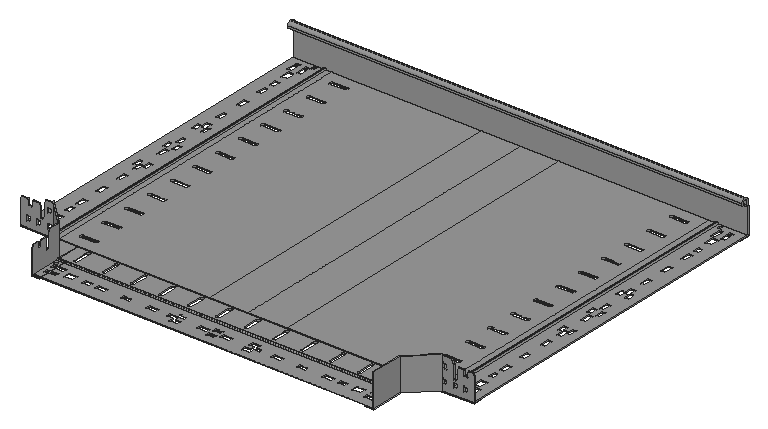
Revit family "T-Abzweigstück - RTM 660 FS.rfa_ok", category Generic Models, Revit 2017
Family settings
  Can host rebar = No
  Round Connector Dimension = Use Diameter
  Part Type = Normal
  Work Plane-Based = No
  Always vertical = Yes
  Cut with Voids When Loaded = No
  Shared = No
  Room Calculation Point = No
Parameters (values of type "RTM 660 FS")
  URL = "http://www.obo-bettermann.com"
  Material = Strip galvanised
  Manufacturer Art.No. = "6041332"
  Manufacturer = "OBO BETTERMANN"
  GTIN = "4012195879114"
  Cut's number 2 = 2
  Cut's number = 6
  Article Type = "RTM 660 FS"
Reference planes
  plane 1 "Center (Front/Back)": y = 0
  plane 2: z = 0
  plane 3 "Center (Left/Right)": x = 0
  plane 4: x = -345.58
  plane 5: z = 3.3
  plane 6: z = 2.8
  plane 7: x = -347.08
  plane 8: x = -344.08
  plane 9: x = 400.08
  plane 10: x = -400.08
  plane 11: x = 345.58
  plane 12: y = 700.08
  plane 13: y = 54.5
  plane 14: x = 300
  plane 15: x = -300
  plane 16: z = 3.25
  plane 17: y = 56
  plane 18: y = 53
  plane 19: y = 99.3
  plane 20: through (300, 99.3, 1200) normal (0.7071, 0.7071, 0)
  plane 21: x = 321.029
  plane 22: y = 78.271
  plane 23: y = 78.271
  plane 24: through (350, 99.3, 1200) normal (0.7071, 0.7071, 0)
  plane 25: x = 371.029
  plane 26: y = 78.271
  plane 27: y = 78.271
  plane 28: through (400, 99.3, 1200) normal (0.7071, 0.7071, 0)
  plane 29: x = 421.029
  plane 30: y = 78.271
  plane 31: y = 78.271
  plane 32: through (450, 99.3, 1200) normal (0.7071, 0.7071, 0)
  plane 33: x = 471.029
  plane 34: y = 78.271
  plane 35: y = 78.271
  plane 36: through (500, 99.3, 1200) normal (0.7071, 0.7071, 0)
  plane 37: x = 521.029
  plane 38: y = 78.271
  plane 39: y = 78.271
  plane 40: through (550, 99.3, 1200) normal (0.7071, 0.7071, 0)
  plane 41: x = 571.029
  plane 42: y = 78.271
  plane 43: y = 78.271
  plane 44: through (250, 99.3, 1200) normal (0.7071, 0.7071, 0)
  plane 45: x = 271.029
  plane 46: y = 78.271
  plane 47: y = 78.271
  plane 48: through (200, 99.3, 1200) normal (0.7071, 0.7071, 0)
  plane 49: x = 221.029
  plane 50: y = 78.271
  plane 51: y = 78.271
  plane 52: through (150, 99.3, 1200) normal (0.7071, 0.7071, 0)
  plane 53: x = 171.029
  plane 54: y = 78.271
  plane 55: y = 78.271
  plane 56: through (100, 99.3, 1200) normal (0.7071, 0.7071, 0)
  plane 57: x = 121.029
  plane 58: y = 78.271
  plane 59: y = 78.271
  plane 60: through (50, 99.3, 1200) normal (0.7071, 0.7071, 0)
  plane 61: x = 71.029
  plane 62: y = 78.271
  plane 63: y = 78.271
  plane 64: through (0, 99.3, 1200) normal (0.7071, 0.7071, 0)
  plane 65: x = 21.029
  plane 66: y = 78.271
  plane 67: y = 78.271
  plane 68: through (-300, 99.3, 1200) normal (-0.7071, 0.7071, 0)
  plane 69: y = 26.49
  plane 70: x = 110
  plane 71: x = 155
  plane 72: x = 200
  plane 73: x = -110
  plane 74: y = 30.49
  plane 75: y = 22.49
  plane 76: y = 22.49
  plane 77: y = 30.49
  plane 78: x = 82
  plane 79: x = -82
  plane 80: x = -82
  plane 81: x = 82
  plane 82: x = 225
  plane 83: x = 254
  plane 84: x = 281.613
  plane 85: x = -225
  plane 86: x = -281.613
  plane 87: y = 42.25
  plane 88: x = 293.25
  plane 89: y = 42.25
  plane 90: x = -293.25
  plane 91: x = -300
  plane 92: y = 399.58
  plane 93: x = -300
  plane 94: y = 349.58
  plane 95: x = -300
  plane 96: y = 299.58
  plane 97: x = -300
  plane 98: y = 249.58
  plane 99: x = -300
  plane 100: y = 199.58
  plane 101: x = -300
  plane 102: y = 149.58
  plane 103: x = -300
  plane 104: y = 449.58
  plane 105: x = -300
  plane 106: y = 499.58
  plane 107: x = -300
  plane 108: y = 549.58
  plane 109: x = -300
  plane 110: y = 599.58
  plane 111: x = -300
  plane 112: y = 649.58
  plane 113: x = -300
  plane 114: y = 699.58
  plane 115: y = 399.58
  plane 116: x = -373.59
  plane 117: y = 289.58
  plane 118: x = -377.59
  plane 119: x = -369.59
  plane 120: x = -369.59
  plane 121: x = -377.59
  plane 122: y = 317.58
  plane 123: y = 481.58
  plane 124: y = 174.58
  plane 125: y = 144.45
  plane 126: y = 121.08
  plane 127: y = 121.08
  plane 128: y = 624.58
  plane 129: y = 654.71
  plane 130: y = 678.08
  plane 131: y = 678.08
  plane 132: y = 106.33
  plane 133: x = -357.83
  plane 134: x = 300
  plane 135: y = 399.58
  plane 136: x = 300
  plane 137: y = 349.58
  plane 138: x = 300
  plane 139: y = 299.58
  plane 140: x = 300
  plane 141: y = 249.58
  plane 142: x = 300
  plane 143: y = 199.58
  plane 144: x = 300
  plane 145: y = 149.58
  plane 146: x = 300
  plane 147: y = 449.58
  plane 148: x = 300
  plane 149: y = 499.58
  plane 150: x = 300
  plane 151: y = 549.58
  plane 152: x = 300
  plane 153: y = 599.58
  plane 154: x = 300
  plane 155: y = 649.58
  plane 156: x = 300
  plane 157: y = 699.58
  plane 158: y = 692.83
  plane 159: x = -357.83
  plane 160: x = 377.59
  plane 161: x = 369.59
  plane 162: x = 369.59
  plane 163: x = 377.59
  plane 164: y = 317.58
  plane 165: y = 481.58
  plane 166: y = 174.58
  plane 167: y = 144.45
  plane 168: y = 121.08
  plane 169: y = 121.08
  plane 170: y = 624.58
  plane 171: y = 654.71
  plane 172: y = 678.08
  plane 173: y = 678.08
  plane 174: y = 692.83
  plane 175: x = 357.83
  plane 176: y = 106.33
  plane 177: x = 357.83
  plane 178: z = 61.75
  plane 179: z = 49.25
  plane 180: y = 699.831
  plane 181: z = 55.75
  plane 182: y = 687.831
  plane 183: z = 46.25
  plane 184: z = 52.771
  plane 185: z = 57.52
  plane 186: through (300, 99.3, 1200) normal (-0.7071, -0.7071, 0)
  plane 187: z = 16.196
  plane 188: x = -385.08
  plane 189: z = 16.196
  plane 190: x = -366.877
  plane 191: z = 16.196
  plane 192: x = -348.885
  plane 193: z = 41.196
  plane 194: x = -348.885
  plane 195: z = 46.696
  plane 196: z = 36.696
  plane 197: x = -398.117
  plane 198: x = -386.622
  plane 199: x = -377.657
  plane 200: z = 41.581
  plane 201: z = 24.396
  plane 202: x = -354.758
  plane 203: z = 46.696
  plane 204: z = 36.696
  plane 205: y = 1.977
  plane 206: y = 21.643
  plane 207: z = 41.581
  plane 208: z = 24.396
  plane 209: y = 44.542
  plane 210: z = 46.7
  plane 211: x = 398.08
  plane 212: z = 41.2
  plane 213: z = 43.952
  plane 214: z = 24.4
  plane 215: x = 368.045
  plane 216: z = 56.2
  plane 217: x = 356.5
  plane 218: z = 16.2
  plane 219: x = 385.08
  plane 220: z = 16.2
  plane 221: x = 366.78
  plane 222: z = 16.2
  plane 223: x = 348.767
  plane 224: z = 41.2
  plane 225: x = 348.767
  plane 226: x = 388.558
  plane 227: x = 381.58
  plane 228: x = 380.58
  plane 229: x = 389.558
  plane 230: x = 370.28
  plane 231: through (300, 99.3, 1200) normal (0.7071, 0.7071, 0)
  plane 232: y = 30
  plane 233: y = 15
  plane 234: y = 11.5
  plane 235: y = 18.5
  plane 236: z = 43.911
  plane 237: y = 39.542
  plane 238: x = 348.58
  plane 239: x = 398.08
  plane 240: x = 370.08
  plane 241: x = 365.08
  plane 242: z = 23.95
  plane 243: z = 46.18
  plane 244: x = 372.08
  plane 245: x = 363.08
  plane 246: x = 365.08
  plane 247: x = -348.58
  plane 248: x = -370.08
  plane 249: x = -365.08
  plane 250: z = 23.95
  plane 251: x = -372.08
  plane 252: x = -363.08
  plane 253: x = -398.08
  plane 254: z = 46.25
  plane 255: z = 15.25
  plane 256: x = -367.58
  plane 257: z = 15.25
  plane 258: x = 367.58
  plane 259: z = 16.196
  plane 260: y = 33.25
  plane 261: y = 15
  plane 262: y = 51.25
  plane 263: z = 41.196
Forms (mm)
  Extrusion 1, solid, material "Strip galvanised" <- "Material"
    sketch origin (0, 0, 0) x (1, 0, 0) y (0, 0, 1)
      loop
        line (-400.08, 1.3) -> (-400.08, 0) -> (-348.408, 0)
        arc (-348.408, 0) -> (-347.542, 0.275) -> (-346.994, 1) r 1.5
        arc (-346.994, 1) -> (-345.58, 1.999) -> (-344.166, 1) r 1.5
        arc (-344.166, 1) -> (-343.618, 0.275) -> (-342.752, 0) r 1.5
        line (-342.752, 0) -> (-325.565, 0) -> (-138.6, 0) -> (0, 0) -> (138.6, 0) -> (325.565, 0) -> (342.752, 0)
        arc (342.752, 0) -> (343.618, 0.275) -> (344.166, 1) r 1.5
        arc (344.166, 1) -> (345.58, 1.999) -> (346.994, 1) r 1.5
        arc (346.994, 1) -> (347.542, 0.275) -> (348.408, 0) r 1.5
        line (348.408, 0) -> (400.08, 0) -> (400.08, 1.3) -> (348.263, 1.3)
        arc (348.263, 1.3) -> (345.58, 3.299) -> (342.897, 1.3) r 2.8
        line (342.897, 1.3) -> (332.897, 1.3) -> (67.897, 1.3) -> (0, 1.3) -> (-67.897, 1.3) -> (-332.897, 1.3) -> (-342.897, 1.3)
        arc (-342.897, 1.3) -> (-345.58, 3.299) -> (-348.263, 1.3) r 2.8
        line (-348.263, 1.3) -> (-400.08, 1.3)
    from -99.3 to -700.08
  Extrusion 2, solid, material "Strip galvanised" <- "Material"
    sketch origin (0, 0, 0) x (0, 1, 0) y (0, 0, 1)
      loop
        line (0, 0) -> (49.278, 0) -> (51.692, 0)
        arc (51.692, 0) -> (52.546, 0.267) -> (53.096, 0.972) r 1.5
        arc (53.096, 0.972) -> (54.5, 1.944) -> (55.904, 0.972) r 1.5
        arc (55.904, 0.972) -> (56.454, 0.267) -> (57.308, 0) r 1.5
        line (57.308, 0) -> (59.826, 0) -> (99.3, 0) -> (99.3, 1.25) -> (57.181, 1.25)
        arc (57.181, 1.25) -> (54.5, 3.244) -> (51.819, 1.25) r 2.8
        line (51.819, 1.25) -> (0, 1.25) -> (0, 0)
    from -300 to 300
  Extrusion 3, solid, material "Strip galvanised" <- "Material"
    sketch origin (-0.12, -2.442, 0) x (1, 0, 0) y (0, 1, 0)
      loop
        line (-299.88, 59.684) -> (-299.88, 101.742) -> (-341.938, 101.742) -> (-299.88, 59.684)
    from 0 to 1.3
  Extrusion 4, solid, material "Strip galvanised" <- "Material"
    sketch origin (0.12, -2.442, 0) x (-1, 0, 0) y (0, -1, 0)
      loop
        line (-299.88, -59.684) -> (-341.938, -101.742) -> (-299.88, -101.742) -> (-299.88, -59.684)
    from 0 to 1.3
  Extrusion 5, void
    sketch origin (0, 0, 0) x (1, 0, 0) y (0, 1, 0)
      loop
        arc (21.5, 65.771) -> (25, 62.271) -> (28.5, 65.771) r 3.5
        line (28.5, 65.771) -> (28.5, 90.771)
        arc (28.5, 90.771) -> (25, 94.271) -> (21.5, 90.771) r 3.5
        line (21.5, 90.771) -> (21.5, 65.771)
    from 0 to 1.3
  Extrusion 6, void
    sketch origin (50, 0, 0) x (1, 0, 0) y (0, 1, 0)
      loop
        arc (21.5, 65.771) -> (25, 62.271) -> (28.5, 65.771) r 3.5
        line (28.5, 65.771) -> (28.5, 90.771)
        arc (28.5, 90.771) -> (25, 94.271) -> (21.5, 90.771) r 3.5
        line (21.5, 90.771) -> (21.5, 65.771)
    from 0 to 1.3
  Extrusion 7, void
    sketch origin (100, 0, 0) x (1, 0, 0) y (0, 1, 0)
      loop
        arc (21.5, 65.771) -> (25, 62.271) -> (28.5, 65.771) r 3.5
        line (28.5, 65.771) -> (28.5, 90.771)
        arc (28.5, 90.771) -> (25, 94.271) -> (21.5, 90.771) r 3.5
        line (21.5, 90.771) -> (21.5, 65.771)
    from 0 to 1.3
  Extrusion 8, void
    sketch origin (150, 0, 0) x (1, 0, 0) y (0, 1, 0)
      loop
        arc (21.5, 65.771) -> (25, 62.271) -> (28.5, 65.771) r 3.5
        line (28.5, 65.771) -> (28.5, 90.771)
        arc (28.5, 90.771) -> (25, 94.271) -> (21.5, 90.771) r 3.5
        line (21.5, 90.771) -> (21.5, 65.771)
    from 0 to 1.3
  Extrusion 9, void
    sketch origin (200, 0, 0) x (1, 0, 0) y (0, 1, 0)
      loop
        arc (21.5, 65.771) -> (25, 62.271) -> (28.5, 65.771) r 3.5
        line (28.5, 65.771) -> (28.5, 90.771)
        arc (28.5, 90.771) -> (25, 94.271) -> (21.5, 90.771) r 3.5
        line (21.5, 90.771) -> (21.5, 65.771)
    from 0 to 1.3
  Extrusion 10, void
    sketch origin (250, 0, 0) x (1, 0, 0) y (0, 1, 0)
      loop
        arc (21.5, 65.771) -> (25, 62.271) -> (28.5, 65.771) r 3.5
        line (28.5, 65.771) -> (28.5, 90.771)
        arc (28.5, 90.771) -> (25, 94.271) -> (21.5, 90.771) r 3.5
        line (21.5, 90.771) -> (21.5, 65.771)
    from 0 to 1.3
  Extrusion 11, void
    sketch origin (-50, 0, 0) x (1, 0, 0) y (0, 1, 0)
      loop
        arc (21.5, 65.771) -> (25, 62.271) -> (28.5, 65.771) r 3.5
        line (28.5, 65.771) -> (28.5, 90.771)
        arc (28.5, 90.771) -> (25, 94.271) -> (21.5, 90.771) r 3.5
        line (21.5, 90.771) -> (21.5, 65.771)
    from 0 to 1.3
  Extrusion 12, void
    sketch origin (-100, 0, 0) x (1, 0, 0) y (0, 1, 0)
      loop
        arc (21.5, 65.771) -> (25, 62.271) -> (28.5, 65.771) r 3.5
        line (28.5, 65.771) -> (28.5, 90.771)
        arc (28.5, 90.771) -> (25, 94.271) -> (21.5, 90.771) r 3.5
        line (21.5, 90.771) -> (21.5, 65.771)
    from 0 to 1.3
  Extrusion 13, void
    sketch origin (-150, 0, 0) x (1, 0, 0) y (0, 1, 0)
      loop
        arc (21.5, 65.771) -> (25, 62.271) -> (28.5, 65.771) r 3.5
        line (28.5, 65.771) -> (28.5, 90.771)
        arc (28.5, 90.771) -> (25, 94.271) -> (21.5, 90.771) r 3.5
        line (21.5, 90.771) -> (21.5, 65.771)
    from 0 to 1.3
  Extrusion 14, void
    sketch origin (-200, 0, 0) x (1, 0, 0) y (0, 1, 0)
      loop
        arc (21.5, 65.771) -> (25, 62.271) -> (28.5, 65.771) r 3.5
        line (28.5, 65.771) -> (28.5, 90.771)
        arc (28.5, 90.771) -> (25, 94.271) -> (21.5, 90.771) r 3.5
        line (21.5, 90.771) -> (21.5, 65.771)
    from 0 to 1.3
  Extrusion 15, void
    sketch origin (-250, 0, 0) x (1, 0, 0) y (0, 1, 0)
      loop
        arc (21.5, 65.771) -> (25, 62.271) -> (28.5, 65.771) r 3.5
        line (28.5, 65.771) -> (28.5, 90.771)
        arc (28.5, 90.771) -> (25, 94.271) -> (21.5, 90.771) r 3.5
        line (21.5, 90.771) -> (21.5, 65.771)
    from 0 to 1.3
  Extrusion 16, void
    sketch origin (-300, 0, 0) x (1, 0, 0) y (0, 1, 0)
      loop
        arc (21.5, 65.771) -> (25, 62.271) -> (28.5, 65.771) r 3.5
        line (28.5, 65.771) -> (28.5, 90.771)
        arc (28.5, 90.771) -> (25, 94.271) -> (21.5, 90.771) r 3.5
        line (21.5, 90.771) -> (21.5, 65.771)
    from 0 to 1.3
  Extrusion 17, void
    sketch origin (0, 0, 0) x (1, 0, 0) y (0, 1, 0)
      loop
        line (12, 30.49) -> (12, 22.49) -> (28, 22.49) -> (28, 30.49) -> (12, 30.49)
    from 0 to 1.3
  Extrusion 18, void
    sketch origin (-40, 0, 0) x (1, 0, 0) y (0, 1, 0)
      loop
        line (12, 30.49) -> (12, 22.49) -> (28, 22.49) -> (28, 30.49) -> (12, 30.49)
    from 0 to 1.3
  Extrusion 19, void
    sketch origin (90, 0, 0) x (1, 0, 0) y (0, 1, 0)
      loop
        line (12, 30.49) -> (12, 22.49) -> (28, 22.49) -> (28, 30.49) -> (12, 30.49)
    from 0 to 1.3
  Extrusion 20, void
    sketch origin (135, 0, 0) x (1, 0, 0) y (0, 1, 0)
      loop
        line (12, 30.49) -> (12, 22.49) -> (28, 22.49) -> (28, 30.49) -> (12, 30.49)
    from 0 to 1.3
  Extrusion 21, void
    sketch origin (180, 0, 0) x (1, 0, 0) y (0, 1, 0)
      loop
        line (12, 30.49) -> (12, 22.49) -> (28, 22.49) -> (28, 30.49) -> (12, 30.49)
    from 0 to 1.3
  Extrusion 22, void
    sketch origin (-130, 0, 0) x (1, 0, 0) y (0, 1, 0)
      loop
        line (12, 30.49) -> (12, 22.49) -> (28, 22.49) -> (28, 30.49) -> (12, 30.49)
    from 0 to 1.3
  Extrusion 23, void
    sketch origin (-175, 0, 0) x (1, 0, 0) y (0, 1, 0)
      loop
        line (12, 30.49) -> (12, 22.49) -> (28, 22.49) -> (28, 30.49) -> (12, 30.49)
    from 0 to 1.3
  Extrusion 24, void
    sketch origin (-220, 0, 0) x (1, 0, 0) y (0, 1, 0)
      loop
        line (12, 30.49) -> (12, 22.49) -> (28, 22.49) -> (28, 30.49) -> (12, 30.49)
    from 0 to 1.3
  Extrusion 25, void
    sketch origin (0, 0, 0) x (1, 0, 0) y (0, 1, 0)
      loop
        line (-7, 30.49) -> (7, 30.49) -> (7, 38.09) -> (-7, 38.09) -> (-7, 30.49)
    from 0 to 1.3
  Extrusion 26, void
    sketch origin (0, 52.98, 0) x (1, 0, 0) y (0, 1, 0)
      loop
        line (-7, -30.49) -> (-7, -38.09) -> (7, -38.09) -> (7, -30.49) -> (-7, -30.49)
    from 0 to 1.3
  Extrusion 27, void
    sketch origin (0, 0, 0) x (1, 0, 0) y (0, 1, 0)
      loop
        line (82, 30.523) -> (71, 30.523) -> (71, 38.077) -> (57, 38.077) -> (57, 30.523) -> (66.028, 30.523) -> (66.028, 22.087) -> (57, 22.087) -> (57, 14.533) -> (71, 14.533) -> (71, 22.523) -> (82, 22.523) -> (82, 30.523)
    from 0 to 1.3
  Extrusion 28, void
    sketch origin (0, 0, 0) x (-1, 0, 0) y (0, -1, 0)
      loop
        line (82, -30.523) -> (82, -22.523) -> (71, -22.523) -> (71, -14.533) -> (57, -14.533) -> (57, -22.087) -> (66.028, -22.087) -> (66.028, -30.523) -> (57, -30.523) -> (57, -38.077) -> (71, -38.077) -> (71, -30.523) -> (82, -30.523)
    from 0 to 1.3
  Extrusion 29, void
    sketch origin (0, 0, 0) x (1, 0, 0) y (0, 1, 0)
      loop
        line (219, 30.49) -> (219, 22.49) -> (231, 22.49) -> (231, 30.49) -> (219, 30.49)
    from 0 to 1.3
  Extrusion 30, void
    sketch origin (0, 0, 0) x (1, 0, 0) y (0, 1, 0)
      loop
        line (246, 32.49) -> (246, 20.49) -> (262, 20.49) -> (262, 32.49) -> (246, 32.49)
    from 0 to 1.3
  Extrusion 31, void
    sketch origin (0, 0, 0) x (1, 0, 0) y (0, 1, 0)
      loop
        line (271.113, 38.29) -> (271.113, 30.69) -> (292.113, 30.69) -> (292.113, 38.29) -> (271.113, 38.29)
      loop
        line (271.113, 22.29) -> (271.113, 14.69) -> (292.113, 14.69) -> (292.113, 22.29) -> (271.113, 22.29)
    from 0 to 1.3
  Extrusion 32, void
    sketch origin (0, 0, 0) x (-1, 0, 0) y (0, -1, 0)
      loop
        line (219, -30.49) -> (231, -30.49) -> (231, -22.49) -> (219, -22.49) -> (219, -30.49)
    from 0 to 1.3
  Extrusion 33, void
    sketch origin (0, 0, 0) x (-1, 0, 0) y (0, -1, 0)
      loop
        line (246, -32.49) -> (262, -32.49) -> (262, -20.49) -> (246, -20.49) -> (246, -32.49)
    from 0 to 1.3
  Extrusion 34, void
    sketch origin (0, 0, 0) x (-1, 0, 0) y (0, -1, 0)
      loop
        line (271.113, -38.29) -> (292.113, -38.29) -> (292.113, -30.69) -> (271.113, -30.69) -> (271.113, -38.29)
      loop
        line (271.113, -22.29) -> (292.113, -22.29) -> (292.113, -14.69) -> (271.113, -14.69) -> (271.113, -22.29)
    from 0 to 1.3
  Extrusion 35, void
    sketch origin (0, 0, 0) x (1, 0, 0) y (0, 1, 0)
      loop
        circle (293.25, 42.25) r 3.1
    from 0 to 1.3
  Extrusion 36, void
    sketch origin (0, 0, 0) x (-1, 0, 0) y (0, -1, 0)
      loop
        circle (293.25, -42.25) r 3.1
    from 0 to 1.3
  Extrusion 37, void
    sketch origin (0, 0, 0) x (1, 0, 0) y (0, 1, 0)
      loop
        arc (-312.5, 378.08) -> (-316, 374.58) -> (-312.5, 371.08) r 3.5
        line (-312.5, 371.08) -> (-287.5, 371.08)
        arc (-287.5, 371.08) -> (-284, 374.58) -> (-287.5, 378.08) r 3.5
        line (-287.5, 378.08) -> (-312.5, 378.08)
    from 0 to 1.3
  Extrusion 38, void
    sketch origin (0, -50, 0) x (1, 0, 0) y (0, 1, 0)
      loop
        arc (-312.5, 378.08) -> (-316, 374.58) -> (-312.5, 371.08) r 3.5
        line (-312.5, 371.08) -> (-287.5, 371.08)
        arc (-287.5, 371.08) -> (-284, 374.58) -> (-287.5, 378.08) r 3.5
        line (-287.5, 378.08) -> (-312.5, 378.08)
    from 0 to 1.3
  Extrusion 39, void
    sketch origin (0, -100, 0) x (1, 0, 0) y (0, 1, 0)
      loop
        arc (-312.5, 378.08) -> (-316, 374.58) -> (-312.5, 371.08) r 3.5
        line (-312.5, 371.08) -> (-287.5, 371.08)
        arc (-287.5, 371.08) -> (-284, 374.58) -> (-287.5, 378.08) r 3.5
        line (-287.5, 378.08) -> (-312.5, 378.08)
    from 0 to 1.3
  Extrusion 40, void
    sketch origin (0, -150, 0) x (1, 0, 0) y (0, 1, 0)
      loop
        arc (-312.5, 378.08) -> (-316, 374.58) -> (-312.5, 371.08) r 3.5
        line (-312.5, 371.08) -> (-287.5, 371.08)
        arc (-287.5, 371.08) -> (-284, 374.58) -> (-287.5, 378.08) r 3.5
        line (-287.5, 378.08) -> (-312.5, 378.08)
    from 0 to 1.3
  Extrusion 41, void
    sketch origin (0, -200, 0) x (1, 0, 0) y (0, 1, 0)
      loop
        arc (-312.5, 378.08) -> (-316, 374.58) -> (-312.5, 371.08) r 3.5
        line (-312.5, 371.08) -> (-287.5, 371.08)
        arc (-287.5, 371.08) -> (-284, 374.58) -> (-287.5, 378.08) r 3.5
        line (-287.5, 378.08) -> (-312.5, 378.08)
    from 0 to 1.3
  Extrusion 42, void
    sketch origin (0, -250, 0) x (1, 0, 0) y (0, 1, 0)
      loop
        arc (-312.5, 378.08) -> (-316, 374.58) -> (-312.5, 371.08) r 3.5
        line (-312.5, 371.08) -> (-287.5, 371.08)
        arc (-287.5, 371.08) -> (-284, 374.58) -> (-287.5, 378.08) r 3.5
        line (-287.5, 378.08) -> (-312.5, 378.08)
    from 0 to 1.3
  Extrusion 43, void
    sketch origin (0, 50, 0) x (1, 0, 0) y (0, 1, 0)
      loop
        arc (-312.5, 378.08) -> (-316, 374.58) -> (-312.5, 371.08) r 3.5
        line (-312.5, 371.08) -> (-287.5, 371.08)
        arc (-287.5, 371.08) -> (-284, 374.58) -> (-287.5, 378.08) r 3.5
        line (-287.5, 378.08) -> (-312.5, 378.08)
    from 0 to 1.3
  Extrusion 44, void
    sketch origin (0, 100, 0) x (1, 0, 0) y (0, 1, 0)
      loop
        arc (-312.5, 378.08) -> (-316, 374.58) -> (-312.5, 371.08) r 3.5
        line (-312.5, 371.08) -> (-287.5, 371.08)
        arc (-287.5, 371.08) -> (-284, 374.58) -> (-287.5, 378.08) r 3.5
        line (-287.5, 378.08) -> (-312.5, 378.08)
    from 0 to 1.3
  Extrusion 45, void
    sketch origin (0, 150, 0) x (1, 0, 0) y (0, 1, 0)
      loop
        arc (-312.5, 378.08) -> (-316, 374.58) -> (-312.5, 371.08) r 3.5
        line (-312.5, 371.08) -> (-287.5, 371.08)
        arc (-287.5, 371.08) -> (-284, 374.58) -> (-287.5, 378.08) r 3.5
        line (-287.5, 378.08) -> (-312.5, 378.08)
    from 0 to 1.3
  Extrusion 46, void
    sketch origin (0, 200, 0) x (1, 0, 0) y (0, 1, 0)
      loop
        arc (-312.5, 378.08) -> (-316, 374.58) -> (-312.5, 371.08) r 3.5
        line (-312.5, 371.08) -> (-287.5, 371.08)
        arc (-287.5, 371.08) -> (-284, 374.58) -> (-287.5, 378.08) r 3.5
        line (-287.5, 378.08) -> (-312.5, 378.08)
    from 0 to 1.3
  Extrusion 47, void
    sketch origin (0, 250, 0) x (1, 0, 0) y (0, 1, 0)
      loop
        arc (-312.5, 378.08) -> (-316, 374.58) -> (-312.5, 371.08) r 3.5
        line (-312.5, 371.08) -> (-287.5, 371.08)
        arc (-287.5, 371.08) -> (-284, 374.58) -> (-287.5, 378.08) r 3.5
        line (-287.5, 378.08) -> (-312.5, 378.08)
    from 0 to 1.3
  Extrusion 48, void
    sketch origin (0, 300, 0) x (1, 0, 0) y (0, 1, 0)
      loop
        arc (-312.5, 378.08) -> (-316, 374.58) -> (-312.5, 371.08) r 3.5
        line (-312.5, 371.08) -> (-287.5, 371.08)
        arc (-287.5, 371.08) -> (-284, 374.58) -> (-287.5, 378.08) r 3.5
        line (-287.5, 378.08) -> (-312.5, 378.08)
    from 0 to 1.3
  Extrusion 49, void
    sketch origin (0, 0, 0) x (1, 0, 0) y (0, 1, 0)
      loop
        line (-377.59, 411.58) -> (-369.59, 411.58) -> (-369.59, 427.58) -> (-377.59, 427.58) -> (-377.59, 411.58)
    from 0 to 1.3
  Extrusion 50, void
    sketch origin (0, 1598.32, 0) x (1, 0, 0) y (0, 1, 0)
      loop
        line (-377.59, -1210.74) -> (-377.59, -1226.74) -> (-369.59, -1226.74) -> (-369.59, -1210.74) -> (-377.59, -1210.74)
    from 0 to 1.3
  Extrusion 51, void
    sketch origin (0, 1508.32, 0) x (1, 0, 0) y (0, 1, 0)
      loop
        line (-377.59, -1210.74) -> (-377.59, -1226.74) -> (-369.59, -1226.74) -> (-369.59, -1210.74) -> (-377.59, -1210.74)
    from 0 to 1.3
  Extrusion 52, void
    sketch origin (0, 1463.32, 0) x (1, 0, 0) y (0, 1, 0)
      loop
        line (-377.59, -1210.74) -> (-377.59, -1226.74) -> (-369.59, -1226.74) -> (-369.59, -1210.74) -> (-377.59, -1210.74)
    from 0 to 1.3
  Extrusion 53, void
    sketch origin (0, 1418.32, 0) x (1, 0, 0) y (0, 1, 0)
      loop
        line (-377.59, -1210.74) -> (-377.59, -1226.74) -> (-369.59, -1226.74) -> (-369.59, -1210.74) -> (-377.59, -1210.74)
    from 0 to 1.3
  Extrusion 54, void
    sketch origin (0, 529.16, 0) x (1, 0, 0) y (0, 1, 0)
      loop
        line (-377.59, -27.58) -> (-369.59, -27.58) -> (-369.59, -11.58) -> (-377.59, -11.58) -> (-377.59, -27.58)
    from 0 to 1.3
  Extrusion 55, void
    sketch origin (0, 574.16, 0) x (1, 0, 0) y (0, 1, 0)
      loop
        line (-377.59, -27.58) -> (-369.59, -27.58) -> (-369.59, -11.58) -> (-377.59, -11.58) -> (-377.59, -27.58)
    from 0 to 1.3
  Extrusion 56, void
    sketch origin (0, 619.16, 0) x (1, 0, 0) y (0, 1, 0)
      loop
        line (-377.59, -27.58) -> (-369.59, -27.58) -> (-369.59, -11.58) -> (-377.59, -11.58) -> (-377.59, -27.58)
    from 0 to 1.3
  Extrusion 57, void
    sketch origin (0, 0, 0) x (1, 0, 0) y (0, 1, 0)
      loop
        line (-369.59, 406.58) -> (-369.59, 392.58) -> (-361.99, 392.58) -> (-361.99, 406.58) -> (-369.59, 406.58)
    from 0 to 1.3
  Extrusion 58, void
    sketch origin (-747.18, 0, 0) x (-1, 0, 0) y (0, -1, 0)
      loop
        line (-369.59, -406.58) -> (-361.99, -406.58) -> (-361.99, -392.58) -> (-369.59, -392.58) -> (-369.59, -406.58)
    from 0 to 1.3
  Extrusion 59, void
    sketch origin (0, 0, 0) x (1, 0, 0) y (0, 1, 0)
      loop
        line (-373.522, 317.58) -> (-369.59, 317.58) -> (-369.59, 328.56) -> (-361.895, 328.56) -> (-361.895, 342.519) -> (-369.522, 342.519) -> (-369.522, 333.505) -> (-377.92, 333.505) -> (-377.92, 342.519) -> (-385.494, 342.519) -> (-385.494, 328.56) -> (-377.59, 328.56) -> (-377.59, 317.58) -> (-373.522, 317.58)
    from 0 to 1.3
  Extrusion 60, void
    sketch origin (0, 799.16, 0) x (1, 0, 0) y (0, 1, 0)
      loop
        line (-373.522, -317.58) -> (-377.59, -317.58) -> (-377.59, -328.56) -> (-385.494, -328.56) -> (-385.494, -342.519) -> (-377.92, -342.519) -> (-377.92, -333.505) -> (-369.522, -333.505) -> (-369.522, -342.519) -> (-361.895, -342.519) -> (-361.895, -328.56) -> (-369.59, -328.56) -> (-369.59, -317.58) -> (-373.522, -317.58)
    from 0 to 1.3
  Extrusion 61, void
    sketch origin (0, 0, 0) x (1, 0, 0) y (0, 1, 0)
      loop
        line (-377.59, 180.58) -> (-377.59, 168.58) -> (-369.59, 168.58) -> (-369.59, 180.58) -> (-377.59, 180.58)
    from 0 to 1.3
  Extrusion 62, void
    sketch origin (0, 0, 0) x (1, 0, 0) y (0, 1, 0)
      loop
        line (-379.59, 152.45) -> (-379.59, 136.45) -> (-367.59, 136.45) -> (-367.59, 152.45) -> (-379.59, 152.45)
    from 0 to 1.3
  Extrusion 63, void
    sketch origin (0, 0, 0) x (1, 0, 0) y (0, 1, 0)
      loop
        line (-369.39, 131.58) -> (-369.39, 110.58) -> (-361.79, 110.58) -> (-361.79, 131.58) -> (-369.39, 131.58)
    from 0 to 1.3
  Extrusion 64, void
    sketch origin (-747.18, 0, 0) x (-1, 0, 0) y (0, -1, 0)
      loop
        line (-369.39, -131.58) -> (-361.79, -131.58) -> (-361.79, -110.58) -> (-369.39, -110.58) -> (-369.39, -131.58)
    from 0 to 1.3
  Extrusion 65, void
    sketch origin (0, 799.16, 0) x (1, 0, 0) y (0, 1, 0)
      loop
        line (-377.59, -180.58) -> (-369.59, -180.58) -> (-369.59, -168.58) -> (-377.59, -168.58) -> (-377.59, -180.58)
    from 0 to 1.3
  Extrusion 66, void
    sketch origin (0, 799.16, 0) x (1, 0, 0) y (0, 1, 0)
      loop
        line (-379.59, -152.45) -> (-367.59, -152.45) -> (-367.59, -136.45) -> (-379.59, -136.45) -> (-379.59, -152.45)
    from 0 to 1.3
  Extrusion 67, void
    sketch origin (0, 799.16, 0) x (1, 0, 0) y (0, 1, 0)
      loop
        line (-369.39, -131.58) -> (-361.79, -131.58) -> (-361.79, -110.58) -> (-369.39, -110.58) -> (-369.39, -131.58)
    from 0 to 1.3
  Extrusion 68, void
    sketch origin (-747.18, 799.16, 0) x (-1, 0, 0) y (0, -1, 0)
      loop
        line (-369.39, 131.58) -> (-369.39, 110.58) -> (-361.79, 110.58) -> (-361.79, 131.58) -> (-369.39, 131.58)
    from 0 to 1.3
  Extrusion 69, void
    sketch origin (0, 0, 0) x (1, 0, 0) y (0, 1, 0)
      loop
        circle (-357.83, 106.33) r 3.089
    from 0 to 1.3
  Extrusion 70, void
    sketch origin (0, -600, 0) x (-1, 0, 0) y (0, -1, 0)
      loop
        line (-312.5, -978.08) -> (-287.5, -978.08)
        arc (-287.5, -978.08) -> (-284, -974.58) -> (-287.5, -971.08) r 3.5
        line (-287.5, -971.08) -> (-312.5, -971.08)
        arc (-312.5, -971.08) -> (-316, -974.58) -> (-312.5, -978.08) r 3.5
    from 0 to 1.3
  Extrusion 71, void
    sketch origin (0, -650, 0) x (-1, 0, 0) y (0, -1, 0)
      loop
        line (-312.5, -978.08) -> (-287.5, -978.08)
        arc (-287.5, -978.08) -> (-284, -974.58) -> (-287.5, -971.08) r 3.5
        line (-287.5, -971.08) -> (-312.5, -971.08)
        arc (-312.5, -971.08) -> (-316, -974.58) -> (-312.5, -978.08) r 3.5
    from 0 to 1.3
  Extrusion 72, void
    sketch origin (0, -700, 0) x (-1, 0, 0) y (0, -1, 0)
      loop
        line (-312.5, -978.08) -> (-287.5, -978.08)
        arc (-287.5, -978.08) -> (-284, -974.58) -> (-287.5, -971.08) r 3.5
        line (-287.5, -971.08) -> (-312.5, -971.08)
        arc (-312.5, -971.08) -> (-316, -974.58) -> (-312.5, -978.08) r 3.5
    from 0 to 1.3
  Extrusion 73, void
    sketch origin (0, -750, 0) x (-1, 0, 0) y (0, -1, 0)
      loop
        line (-312.5, -978.08) -> (-287.5, -978.08)
        arc (-287.5, -978.08) -> (-284, -974.58) -> (-287.5, -971.08) r 3.5
        line (-287.5, -971.08) -> (-312.5, -971.08)
        arc (-312.5, -971.08) -> (-316, -974.58) -> (-312.5, -978.08) r 3.5
    from 0 to 1.3
  Extrusion 74, void
    sketch origin (0, -800, 0) x (-1, 0, 0) y (0, -1, 0)
      loop
        line (-312.5, -978.08) -> (-287.5, -978.08)
        arc (-287.5, -978.08) -> (-284, -974.58) -> (-287.5, -971.08) r 3.5
        line (-287.5, -971.08) -> (-312.5, -971.08)
        arc (-312.5, -971.08) -> (-316, -974.58) -> (-312.5, -978.08) r 3.5
    from 0 to 1.3
  Extrusion 75, void
    sketch origin (0, -850, 0) x (-1, 0, 0) y (0, -1, 0)
      loop
        line (-312.5, -978.08) -> (-287.5, -978.08)
        arc (-287.5, -978.08) -> (-284, -974.58) -> (-287.5, -971.08) r 3.5
        line (-287.5, -971.08) -> (-312.5, -971.08)
        arc (-312.5, -971.08) -> (-316, -974.58) -> (-312.5, -978.08) r 3.5
    from 0 to 1.3
  Extrusion 76, void
    sketch origin (0, -550, 0) x (-1, 0, 0) y (0, -1, 0)
      loop
        line (-312.5, -978.08) -> (-287.5, -978.08)
        arc (-287.5, -978.08) -> (-284, -974.58) -> (-287.5, -971.08) r 3.5
        line (-287.5, -971.08) -> (-312.5, -971.08)
        arc (-312.5, -971.08) -> (-316, -974.58) -> (-312.5, -978.08) r 3.5
    from 0 to 1.3
  Extrusion 77, void
    sketch origin (0, -500, 0) x (-1, 0, 0) y (0, -1, 0)
      loop
        line (-312.5, -978.08) -> (-287.5, -978.08)
        arc (-287.5, -978.08) -> (-284, -974.58) -> (-287.5, -971.08) r 3.5
        line (-287.5, -971.08) -> (-312.5, -971.08)
        arc (-312.5, -971.08) -> (-316, -974.58) -> (-312.5, -978.08) r 3.5
    from 0 to 1.3
  Extrusion 78, void
    sketch origin (0, -450, 0) x (-1, 0, 0) y (0, -1, 0)
      loop
        line (-312.5, -978.08) -> (-287.5, -978.08)
        arc (-287.5, -978.08) -> (-284, -974.58) -> (-287.5, -971.08) r 3.5
        line (-287.5, -971.08) -> (-312.5, -971.08)
        arc (-312.5, -971.08) -> (-316, -974.58) -> (-312.5, -978.08) r 3.5
    from 0 to 1.3
  Extrusion 79, void
    sketch origin (0, -400, 0) x (-1, 0, 0) y (0, -1, 0)
      loop
        line (-312.5, -978.08) -> (-287.5, -978.08)
        arc (-287.5, -978.08) -> (-284, -974.58) -> (-287.5, -971.08) r 3.5
        line (-287.5, -971.08) -> (-312.5, -971.08)
        arc (-312.5, -971.08) -> (-316, -974.58) -> (-312.5, -978.08) r 3.5
    from 0 to 1.3
  Extrusion 80, void
    sketch origin (0, -350, 0) x (-1, 0, 0) y (0, -1, 0)
      loop
        line (-312.5, -978.08) -> (-287.5, -978.08)
        arc (-287.5, -978.08) -> (-284, -974.58) -> (-287.5, -971.08) r 3.5
        line (-287.5, -971.08) -> (-312.5, -971.08)
        arc (-312.5, -971.08) -> (-316, -974.58) -> (-312.5, -978.08) r 3.5
    from 0 to 1.3
  Extrusion 81, void
    sketch origin (0, -300, 0) x (-1, 0, 0) y (0, -1, 0)
      loop
        line (-312.5, -978.08) -> (-287.5, -978.08)
        arc (-287.5, -978.08) -> (-284, -974.58) -> (-287.5, -971.08) r 3.5
        line (-287.5, -971.08) -> (-312.5, -971.08)
        arc (-312.5, -971.08) -> (-316, -974.58) -> (-312.5, -978.08) r 3.5
    from 0 to 1.3
  Extrusion 82, void
    sketch origin (0, 799.16, 0) x (1, 0, 0) y (0, 1, 0)
      loop
        circle (-357.83, -106.33) r 3.089
    from 0 to 1.3
  Extrusion 83, void
    sketch origin (0, 0, 0) x (-1, 0, 0) y (0, -1, 0)
      loop
        line (-377.59, -411.58) -> (-377.59, -427.58) -> (-369.59, -427.58) -> (-369.59, -411.58) -> (-377.59, -411.58)
    from 0 to 1.3
  Extrusion 84, void
    sketch origin (0, -619.16, 0) x (-1, 0, 0) y (0, -1, 0)
      loop
        line (-377.59, -1006.74) -> (-369.59, -1006.74) -> (-369.59, -990.74) -> (-377.59, -990.74) -> (-377.59, -1006.74)
    from 0 to 1.3
  Extrusion 85, void
    sketch origin (0, -619.16, 0) x (-1, 0, 0) y (0, -1, 0)
      loop
        line (-377.59, -916.74) -> (-369.59, -916.74) -> (-369.59, -900.74) -> (-377.59, -900.74) -> (-377.59, -916.74)
    from 0 to 1.3
  Extrusion 86, void
    sketch origin (0, -619.16, 0) x (-1, 0, 0) y (0, -1, 0)
      loop
        line (-377.59, -871.74) -> (-369.59, -871.74) -> (-369.59, -855.74) -> (-377.59, -855.74) -> (-377.59, -871.74)
    from 0 to 1.3
  Extrusion 87, void
    sketch origin (0, -619.16, 0) x (-1, 0, 0) y (0, -1, 0)
      loop
        line (-377.59, -826.74) -> (-369.59, -826.74) -> (-369.59, -810.74) -> (-377.59, -810.74) -> (-377.59, -826.74)
    from 0 to 1.3
  Extrusion 88, void
    sketch origin (0, -709.16, 0) x (-1, 0, 0) y (0, -1, 0)
      loop
        line (-377.59, -1210.74) -> (-377.59, -1226.74) -> (-369.59, -1226.74) -> (-369.59, -1210.74) -> (-377.59, -1210.74)
    from 0 to 1.3
  Extrusion 89, void
    sketch origin (0, -664.16, 0) x (-1, 0, 0) y (0, -1, 0)
      loop
        line (-377.59, -1210.74) -> (-377.59, -1226.74) -> (-369.59, -1226.74) -> (-369.59, -1210.74) -> (-377.59, -1210.74)
    from 0 to 1.3
  Extrusion 90, void
    sketch origin (0, -619.16, 0) x (-1, 0, 0) y (0, -1, 0)
      loop
        line (-377.59, -1210.74) -> (-377.59, -1226.74) -> (-369.59, -1226.74) -> (-369.59, -1210.74) -> (-377.59, -1210.74)
    from 0 to 1.3
  Extrusion 91, void
    sketch origin (0, 0, 0) x (-1, 0, 0) y (0, -1, 0)
      loop
        line (-369.59, -406.58) -> (-361.99, -406.58) -> (-361.99, -392.58) -> (-369.59, -392.58) -> (-369.59, -406.58)
    from 0 to 1.3
  Extrusion 92, void
    sketch origin (747.18, 0, 0) x (1, 0, 0) y (0, 1, 0)
      loop
        line (-369.59, 406.58) -> (-369.59, 392.58) -> (-361.99, 392.58) -> (-361.99, 406.58) -> (-369.59, 406.58)
    from 0 to 1.3
  Extrusion 93, void
    sketch origin (0, 0, 0) x (-1, 0, 0) y (0, -1, 0)
      loop
        line (-373.522, -317.58) -> (-377.59, -317.58) -> (-377.59, -328.56) -> (-385.494, -328.56) -> (-385.494, -342.519) -> (-377.92, -342.519) -> (-377.92, -333.505) -> (-369.522, -333.505) -> (-369.522, -342.519) -> (-361.895, -342.519) -> (-361.895, -328.56) -> (-369.59, -328.56) -> (-369.59, -317.58) -> (-373.522, -317.58)
    from 0 to 1.3
  Extrusion 94, void
    sketch origin (0, 799.16, 0) x (-1, 0, 0) y (0, -1, 0)
      loop
        line (-373.522, 317.58) -> (-369.59, 317.58) -> (-369.59, 328.56) -> (-361.895, 328.56) -> (-361.895, 342.519) -> (-369.522, 342.519) -> (-369.522, 333.505) -> (-377.92, 333.505) -> (-377.92, 342.519) -> (-385.494, 342.519) -> (-385.494, 328.56) -> (-377.59, 328.56) -> (-377.59, 317.58) -> (-373.522, 317.58)
    from 0 to 1.3
  Extrusion 95, void
    sketch origin (0, 0, 0) x (-1, 0, 0) y (0, -1, 0)
      loop
        line (-377.59, -180.58) -> (-369.59, -180.58) -> (-369.59, -168.58) -> (-377.59, -168.58) -> (-377.59, -180.58)
    from 0 to 1.3
  Extrusion 96, void
    sketch origin (0, 0, 0) x (-1, 0, 0) y (0, -1, 0)
      loop
        line (-379.59, -152.45) -> (-367.59, -152.45) -> (-367.59, -136.45) -> (-379.59, -136.45) -> (-379.59, -152.45)
    from 0 to 1.3
  Extrusion 97, void
    sketch origin (0, 0, 0) x (-1, 0, 0) y (0, -1, 0)
      loop
        line (-369.39, -131.58) -> (-361.79, -131.58) -> (-361.79, -110.58) -> (-369.39, -110.58) -> (-369.39, -131.58)
    from 0 to 1.3
  Extrusion 98, void
    sketch origin (747.18, 0, 0) x (1, 0, 0) y (0, 1, 0)
      loop
        line (-369.39, 131.58) -> (-369.39, 110.58) -> (-361.79, 110.58) -> (-361.79, 131.58) -> (-369.39, 131.58)
    from 0 to 1.3
  Extrusion 99, void
    sketch origin (0, 799.16, 0) x (-1, 0, 0) y (0, -1, 0)
      loop
        line (-377.59, 180.58) -> (-377.59, 168.58) -> (-369.59, 168.58) -> (-369.59, 180.58) -> (-377.59, 180.58)
    from 0 to 1.3
  Extrusion 100, void
    sketch origin (0, 799.16, 0) x (-1, 0, 0) y (0, -1, 0)
      loop
        line (-379.59, 152.45) -> (-379.59, 136.45) -> (-367.59, 136.45) -> (-367.59, 152.45) -> (-379.59, 152.45)
    from 0 to 1.3
  Extrusion 101, void
    sketch origin (0, 799.16, 0) x (-1, 0, 0) y (0, -1, 0)
      loop
        line (-369.39, 131.58) -> (-369.39, 110.58) -> (-361.79, 110.58) -> (-361.79, 131.58) -> (-369.39, 131.58)
    from 0 to 1.3
  Extrusion 102, void
    sketch origin (747.18, 799.16, 0) x (1, 0, 0) y (0, 1, 0)
      loop
        line (-369.39, -131.58) -> (-361.79, -131.58) -> (-361.79, -110.58) -> (-369.39, -110.58) -> (-369.39, -131.58)
    from 0 to 1.3
  Extrusion 103, void
    sketch origin (0, 799.16, 0) x (-1, 0, 0) y (0, -1, 0)
      loop
        circle (-357.83, 106.33) r 3.089
    from 0 to 1.3
  Extrusion 104, void
    sketch origin (0, 0, 0) x (-1, 0, 0) y (0, -1, 0)
      loop
        circle (-357.83, -106.33) r 3.089
    from 0 to 1.3
  Extrusion 105, solid, material "Strip galvanised" <- "Material"
    sketch origin (0, 0, 0) x (0, 1, 0) y (0, 0, 1)
      loop
        line (700.08, 0) -> (685.08, 0) -> (685.08, -1.25) -> (700.08, -1.25) -> (701.331, -1.25) -> (701.331, 46.25) -> (699.831, 49.25) -> (699.831, 55.75)
        arc (699.831, 55.75) -> (693.81, 61.771) -> (687.788, 55.75) r 6.021
        line (687.788, 55.75) -> (687.788, 52.771) -> (689.088, 52.771) -> (689.088, 55.75)
        arc (689.088, 55.75) -> (693.81, 60.471) -> (698.531, 55.75) r 4.721
        line (698.531, 55.75) -> (698.531, 48.943) -> (700.08, 45.846) -> (700.08, 0)
    from -400.08 to 400.08
  Extrusion 106, solid, material "Strip galvanised" <- "Material"
    sketch origin (0, 0, 0) x (1, 0, 0) y (0, 1, 0)
      loop
        line (-400.08, 99.3) -> (-400.08, 98) -> (-342.596, 98) -> (-301.3, 56.704) -> (-301.3, 0) -> (-300, 0) -> (-300, 57.242) -> (-342.058, 99.3) -> (-400.08, 99.3)
    from 0 to 57.52
  Extrusion 107, solid, material "Strip galvanised" <- "Material"
    sketch origin (0, 0, 0) x (-1, 0, 0) y (0, -1, 0)
      loop
        line (-400.08, -99.3) -> (-342.058, -99.3) -> (-300, -57.242) -> (-300, 0) -> (-301.3, 0) -> (-301.3, -56.704) -> (-342.596, -98) -> (-400.08, -98) -> (-400.08, -99.3)
    from 0 to 57.52
  Extrusion 108, solid
    sketch origin (0, 0, 0) x (0, 1, 0) y (0, 0, 1)
      loop
        line (98, 0) -> (98, -1.254) -> (113, -1.254) -> (113, 0) -> (98, 0)
    from -342.897 to -400.08
  Extrusion 109, solid
    sketch origin (-399.3, 399.3, 0) x (1, 0, 0) y (0, 0, -1)
      loop
        line (98, 0) -> (113, 0) -> (113, 1.254) -> (98, 1.254) -> (98, 0)
    from -342.897 to -400.08
  Extrusion 110, solid
    sketch origin (399.3, 399.3, 0) x (-1, 0, 0) y (0, 0, 1)
      loop
        line (98, 0) -> (98, -1.254) -> (113, -1.254) -> (113, 0) -> (98, 0)
    from -342.897 to -400.08
  Extrusion 111, solid
    sketch origin (0, 0, 0) x (0, 1, 0) y (0, 0, -1)
      loop
        line (98, 0) -> (113, 0) -> (113, 1.254) -> (98, 1.254) -> (98, 0)
    from -342.897 to -400.08
  Extrusion 112, void
    sketch origin (0, 0, 0) x (1, 0, 0) y (0, 0, 1)
      loop
        line (-388.58, 20.696) -> (-388.58, 11.696) -> (-381.58, 11.696) -> (-381.58, 20.696) -> (-388.58, 20.696)
    from -98 to -99.3
  Extrusion 113, void
    sketch origin (18.203, 0, 0) x (1, 0, 0) y (0, 0, 1)
      loop
        line (-388.58, 20.696) -> (-388.58, 11.696) -> (-381.58, 11.696) -> (-381.58, 20.696) -> (-388.58, 20.696)
    from -98 to -99.3
  Extrusion 114, void
    sketch origin (36.195, 0, 0) x (1, 0, 0) y (0, 0, 1)
      loop
        line (-388.58, 20.696) -> (-388.58, 11.696) -> (-381.58, 11.696) -> (-381.58, 20.696) -> (-388.58, 20.696)
    from -98 to -99.3
  Extrusion 115, void
    sketch origin (36.195, 0, 25) x (1, 0, 0) y (0, 0, 1)
      loop
        line (-388.58, 20.696) -> (-388.58, 11.696) -> (-381.58, 11.696) -> (-381.58, 20.696) -> (-388.58, 20.696)
    from -98 to -99.3
  Extrusion 116, void
    sketch origin (0, 0, 0) x (1, 0, 0) y (0, 0, 1)
      loop
        line (-398.117, 46.696) -> (-386.622, 46.696) -> (-385.622, 43.949) -> (-385.622, 36.696) -> (-378.657, 36.696) -> (-378.657, 43.949) -> (-377.657, 46.696) -> (-366.12, 46.696) -> (-364.258, 41.581) -> (-364.258, 24.396) -> (-360.758, 24.396)
        arc (-360.758, 24.396) -> (-358.637, 25.275) -> (-357.758, 27.396) r 3
        line (-357.758, 27.396) -> (-357.758, 46.491) -> (-357.758, 47.749) -> (-354.758, 55.991) -> (-342.596, 55.991) -> (-342.596, 57.52) -> (-400.08, 57.52) -> (-400.08, 41.302) -> (-398.117, 46.696)
    from -98 to -99.3
  Extrusion 117, void
    sketch origin (-399.3, 399.3, 0) x (0, 1, 0) y (0, 0, -1)
      loop
        line (-397.323, -46.696) -> (-399.3, -41.265) -> (-399.3, -56.196) -> (-399.3, -57.52) -> (-359.769, -57.52) -> (-342.563, -57.52) -> (-342.563, -56.196) -> (-360.24, -56.196) -> (-362.758, -49.278) -> (-362.758, -27.396)
        arc (-362.758, -27.396) -> (-363.637, -25.275) -> (-365.758, -24.396) r 3
        line (-365.758, -24.396) -> (-369.3, -24.396) -> (-369.3, -41.581) -> (-371.271, -46.696) -> (-379.768, -46.696) -> (-380.8, -43.861) -> (-380.8, -37.196)
        arc (-380.8, -37.196) -> (-380.946, -36.843) -> (-381.3, -36.696) r 0.5
        line (-381.3, -36.696) -> (-387.3, -36.696)
        arc (-387.3, -36.696) -> (-387.654, -36.843) -> (-387.8, -37.196) r 0.5
        line (-387.8, -37.196) -> (-387.8, -43.911) -> (-388.814, -46.696) -> (-397.323, -46.696)
    from -98 to -99.3
  Extrusion 118, void
    sketch origin (0, 0, 0) x (1, 0, 0) y (0, 0, 1)
      loop
        line (398.079, 46.7) -> (400.08, 41.203) -> (400.08, 57.52) -> (342.058, 57.52) -> (342.058, 56.2) -> (360.793, 56.2) -> (363.78, 47.993) -> (363.78, 27.4)
        arc (363.78, 27.4) -> (364.658, 25.279) -> (366.78, 24.4) r 3
        line (366.78, 24.4) -> (370.28, 24.4) -> (370.28, 41.2) -> (372.282, 46.7) -> (380.58, 46.7) -> (381.58, 43.953) -> (381.58, 37.2)
        arc (381.58, 37.2) -> (381.726, 36.846) -> (382.08, 36.7) r 0.5
        line (382.08, 36.7) -> (388.058, 36.7)
        arc (388.058, 36.7) -> (388.411, 36.846) -> (388.558, 37.2) r 0.5
        line (388.558, 37.2) -> (388.558, 43.952) -> (389.558, 46.7) -> (398.079, 46.7)
    from -98 to -99.3
  Extrusion 119, void
    sketch origin (0, 0, 0) x (1, 0, 0) y (0, 0, 1)
      loop
        line (388.58, 20.7) -> (381.58, 20.7) -> (381.58, 11.7) -> (388.58, 11.7) -> (388.58, 20.7)
    from -98 to -99.3
  Extrusion 120, void
    sketch origin (-18.3, 0, 0) x (1, 0, 0) y (0, 0, 1)
      loop
        line (388.58, 20.7) -> (381.58, 20.7) -> (381.58, 11.7) -> (388.58, 11.7) -> (388.58, 20.7)
    from -98 to -99.3
  Extrusion 121, void
    sketch origin (-36.313, 0, 0) x (1, 0, 0) y (0, 0, 1)
      loop
        line (388.58, 20.7) -> (381.58, 20.7) -> (381.58, 11.7) -> (388.58, 11.7) -> (388.58, 20.7)
    from -98 to -99.3
  Extrusion 122, void
    sketch origin (-36.313, 0, 25) x (1, 0, 0) y (0, 0, 1)
      loop
        line (388.58, 20.7) -> (381.58, 20.7) -> (381.58, 11.7) -> (388.58, 11.7) -> (388.58, 20.7)
    from -98 to -99.3
  Extrusion 123, void
    sketch origin (0, 0, 0) x (1, 0, 0) y (0, 0, 1)
      loop
        line (398.105, 46.196) -> (400.08, 40.755) -> (400.08, 62.673) -> (345.58, 62.673)
        arc (345.58, 62.673) -> (347.701, 61.795) -> (348.58, 59.673) r 3
        line (348.58, 59.673) -> (348.58, 46.196) -> (363.105, 46.196) -> (365.08, 40.755) -> (365.08, 24.45)
        arc (365.08, 24.45) -> (365.226, 24.096) -> (365.58, 23.95) r 0.5
        line (365.58, 23.95) -> (369.58, 23.95)
        arc (369.58, 23.95) -> (369.934, 24.096) -> (370.08, 24.45) r 0.5
        line (370.08, 24.45) -> (370.08, 40.755) -> (372.055, 46.196) -> (398.105, 46.196)
    from -701.331 to -687.218
  Extrusion 124, void
    sketch origin (0, 0, 0) x (1, 0, 0) y (0, 0, 1)
      loop
        line (-398.08, 46.25) -> (-372.08, 46.25) -> (-370.08, 40.755) -> (-370.08, 24.45)
        arc (-370.08, 24.45) -> (-369.934, 24.096) -> (-369.58, 23.95) r 0.5
        line (-369.58, 23.95) -> (-365.58, 23.95)
        arc (-365.58, 23.95) -> (-365.226, 24.096) -> (-365.08, 24.45) r 0.5
        line (-365.08, 24.45) -> (-365.08, 40.755) -> (-363.08, 46.25) -> (-348.58, 46.25) -> (-348.58, 58.781)
        arc (-348.58, 58.781) -> (-347.784, 60.816) -> (-345.818, 61.771) r 3
        line (-345.818, 61.771) -> (-400.08, 61.771) -> (-400.08, 40.755) -> (-398.08, 46.25)
    from -683.439 to -701.331
  Extrusion 125, void
    sketch origin (0, 0, 0) x (1, 0, 0) y (0, 0, 1)
      loop
        line (-362.08, 19.25) -> (-373.08, 19.25)
        arc (-373.08, 19.25) -> (-377.08, 15.25) -> (-373.08, 11.25) r 4
        line (-373.08, 11.25) -> (-362.08, 11.25)
        arc (-362.08, 11.25) -> (-358.08, 15.25) -> (-362.08, 19.25) r 4
    from -700.08 to -701.331
  Extrusion 126, void
    sketch origin (0, 0, 0) x (1, 0, 0) y (0, 0, 1)
      loop
        line (373.08, 19.25) -> (362.08, 19.25)
        arc (362.08, 19.25) -> (358.08, 15.25) -> (362.08, 11.25) r 4
        line (362.08, 11.25) -> (373.08, 11.25)
        arc (373.08, 11.25) -> (377.08, 15.25) -> (373.08, 19.25) r 4
    from -700.08 to -701.331
  Extrusion 127, void
    sketch origin (0, 0, 0) x (0, 1, 0) y (0, 0, 1)
      loop
        line (0, 41.265) -> (1.977, 46.696) -> (10.486, 46.696) -> (11.5, 43.911) -> (11.5, 37.196)
        arc (11.5, 37.196) -> (11.646, 36.843) -> (12, 36.696) r 0.5
        line (12, 36.696) -> (18, 36.696)
        arc (18, 36.696) -> (18.354, 36.843) -> (18.5, 37.196) r 0.5
        line (18.5, 37.196) -> (18.5, 43.861) -> (19.532, 46.696) -> (28.029, 46.696) -> (30, 41.581) -> (30, 24.396) -> (33.542, 24.396)
        arc (33.542, 24.396) -> (35.663, 25.275) -> (36.542, 27.396) r 3
        line (36.542, 27.396) -> (36.542, 49.278) -> (39.06, 56.196) -> (56.737, 56.196) -> (56.737, 57.52) -> (0, 57.52) -> (0, 41.265)
    from 300 to 301.3
  Extrusion 128, void
    sketch origin (0, 0, 0) x (0, 1, 0) y (0, 0, 1)
      loop
        line (18.5, 20.696) -> (11.5, 20.696) -> (11.5, 11.696) -> (18.5, 11.696) -> (18.5, 20.696)
      loop
        line (36.75, 20.696) -> (29.75, 20.696) -> (29.75, 11.696) -> (36.75, 11.696) -> (36.75, 20.696)
      loop
        line (54.75, 20.696) -> (47.75, 20.696) -> (47.75, 11.696) -> (54.75, 11.696) -> (54.75, 20.696)
      loop
        line (54.75, 45.696) -> (47.75, 45.696) -> (47.75, 36.696) -> (54.75, 36.696) -> (54.75, 45.696)
      loop
        line (18.5, 30.9) -> (11.5, 30.9) -> (11.5, 26.9) -> (18.5, 26.9) -> (18.5, 30.9)
    from -301.3 to -300
  Extrusion 129, void
    sketch origin (0, 0, 0) x (0, 1, 0) y (0, 0, 1)
      loop
        line (11.5, 30.9) -> (11.5, 26.9) -> (18.5, 26.9) -> (18.5, 30.9) -> (11.5, 30.9)
      loop
        line (11.5, 20.696) -> (11.5, 11.696) -> (18.5, 11.696) -> (18.5, 20.696) -> (11.5, 20.696)
      loop
        line (29.75, 20.696) -> (29.75, 11.696) -> (36.75, 11.696) -> (36.75, 20.696) -> (29.75, 20.696)
      loop
        line (47.75, 20.696) -> (47.75, 11.696) -> (54.75, 11.696) -> (54.75, 20.696) -> (47.75, 20.696)
      loop
        line (47.75, 45.696) -> (47.75, 36.696) -> (54.75, 36.696) -> (54.75, 45.696) -> (47.75, 45.696)
    from 300 to 301.3
Cuts and joins
  Extrusion 5, Extrusion 6, Extrusion 7, Extrusion 8, Extrusion 9, Extrusion 10, Extrusion 11, Extrusion 12, Extrusion 13, Extrusion 14, Extrusion 15, Extrusion 16, Extrusion 17, Extrusion 18, Extrusion 19, Extrusion 20, Extrusion 21, Extrusion 22, Extrusion 23, Extrusion 24, Extrusion 25, Extrusion 26, Extrusion 27, Extrusion 28, Extrusion 29, Extrusion 30, Extrusion 31, Extrusion 32, Extrusion 33, Extrusion 34, Extrusion 35, Extrusion 36 cuts Extrusion 2
  Extrusion 37, Extrusion 38, Extrusion 39, Extrusion 40, Extrusion 41, Extrusion 42, Extrusion 43, Extrusion 44, Extrusion 45, Extrusion 46, Extrusion 47, Extrusion 48, Extrusion 49, Extrusion 50, Extrusion 51, Extrusion 52, Extrusion 53, Extrusion 54, Extrusion 55, Extrusion 56, Extrusion 57, Extrusion 58, Extrusion 59, Extrusion 60, Extrusion 61, Extrusion 62, Extrusion 63, Extrusion 64, Extrusion 65, Extrusion 66, Extrusion 67, Extrusion 68, Extrusion 69, Extrusion 70, Extrusion 71, Extrusion 72, Extrusion 73, Extrusion 74, Extrusion 75, Extrusion 76, Extrusion 77, Extrusion 78, Extrusion 79, Extrusion 80, Extrusion 81, Extrusion 82, Extrusion 83, Extrusion 84, Extrusion 85, Extrusion 86, Extrusion 87, Extrusion 88, Extrusion 89, Extrusion 90, Extrusion 91, Extrusion 92, Extrusion 93, Extrusion 94, Extrusion 95, Extrusion 96, Extrusion 97, Extrusion 98, Extrusion 99, Extrusion 100, Extrusion 101, Extrusion 102, Extrusion 103, Extrusion 104 cuts Extrusion 1
  Extrusion 112, Extrusion 113, Extrusion 114, Extrusion 115, Extrusion 116, Extrusion 117, Extrusion 124, Extrusion 125 cuts Extrusion 106
  Extrusion 118, Extrusion 119, Extrusion 120, Extrusion 121, Extrusion 122, Extrusion 126 cuts Extrusion 107
Dimensions and locks
  locked: Extrusion 1 sketch curve to plane 4 at 54.5
  locked: plane 3 "Center (Left/Right)" to plane 10 at 400.08
  locked: plane 9 to plane 3 "Center (Left/Right)" at 400.08
  locked: plane 11 to plane 4 at 691.16
  locked: Extrusion 1 sketch curve to Extrusion 1 sketch curve at 1.3
  plane 1 "Center (Front/Back)" to plane 12 = 700.08 mm
  locked: plane 1 "Center (Front/Back)" to plane 13 at 54.5
  locked: plane 3 "Center (Left/Right)" to plane 14 at 300
  locked: plane 15 to plane 3 "Center (Left/Right)" at 300
  locked: plane 1 "Center (Front/Back)" to Extrusion 1 at 99.3
  locked: Extrusion 1 to Extrusion 2 sketch curve at 99.3
  locked: Extrusion 2 sketch curve to Extrusion 2 sketch curve at 1.25  (x2)
  locked: Extrusion 2 sketch curve to Extrusion 2 sketch curve at 3.244
  locked: Extrusion 3 sketch curve to Extrusion 3 sketch curve at 29.739
  locked: Extrusion 4 sketch curve to Extrusion 4 sketch curve at 29.739
  locked: Extrusion 5 sketch curve to Extrusion 5 sketch curve at 7
  locked: plane 23 to Extrusion 5 sketch curve at 16
  locked: Extrusion 5 sketch curve to plane 23 at 16
  locked: Extrusion 6 sketch curve to Extrusion 6 sketch curve at 7
  locked: plane 27 to Extrusion 6 sketch curve at 16
  locked: Extrusion 6 sketch curve to plane 27 at 16
  equal spacing: group 1, group 2, group 3, group 4, group 5, group 6  (x3)
  locked: Extrusion 7 sketch curve to Extrusion 7 sketch curve at 7
  locked: plane 31 to Extrusion 7 sketch curve at 16
  locked: Extrusion 7 sketch curve to plane 31 at 16
  locked: Extrusion 8 sketch curve to Extrusion 8 sketch curve at 7
  locked: plane 35 to Extrusion 8 sketch curve at 16
  locked: Extrusion 8 sketch curve to plane 35 at 16
  locked: Extrusion 9 sketch curve to Extrusion 9 sketch curve at 7
  locked: plane 39 to Extrusion 9 sketch curve at 16
  locked: Extrusion 9 sketch curve to plane 39 at 16
  locked: Extrusion 10 sketch curve to Extrusion 10 sketch curve at 7
  locked: plane 43 to Extrusion 10 sketch curve at 16
  locked: Extrusion 10 sketch curve to plane 43 at 16
  locked: cut or joined group 1 (Extrusion 2, Extrusion 5, Extrusion 6, Extrusion 7, Extrusion 8, Extrusion 9, Extrusion 10, Extrusion 11, Extrusion 12, Extrusion 13, Extrusion 14, Extrusion 15, Extrusion 16, Extrusion 17, Extrusion 18, Extrusion 19, Extrusion 20, Extrusion 21, Extrusion 22, Extrusion 23, Extrusion 24, Extrusion 25, Extrusion 26, Extrusion 27, Extrusion 28, Extrusion 29, Extrusion 30, Extrusion 31, Extrusion 32, Extrusion 33, Extrusion 34, Extrusion 35, Extrusion 36) to cut or joined group 1 at 43
  locked: cut or joined group 1 to cut or joined group 1 at 5.029  (x9)
  locked: Extrusion 11 sketch curve to Extrusion 11 sketch curve at 7
  locked: plane 47 to Extrusion 11 sketch curve at 16
  locked: Extrusion 11 sketch curve to plane 47 at 16
  group 7 to group 1 = 50 mm
  group 1 to group 7 = 0 mm  (x2)
  locked: Extrusion 12 sketch curve to Extrusion 12 sketch curve at 7
